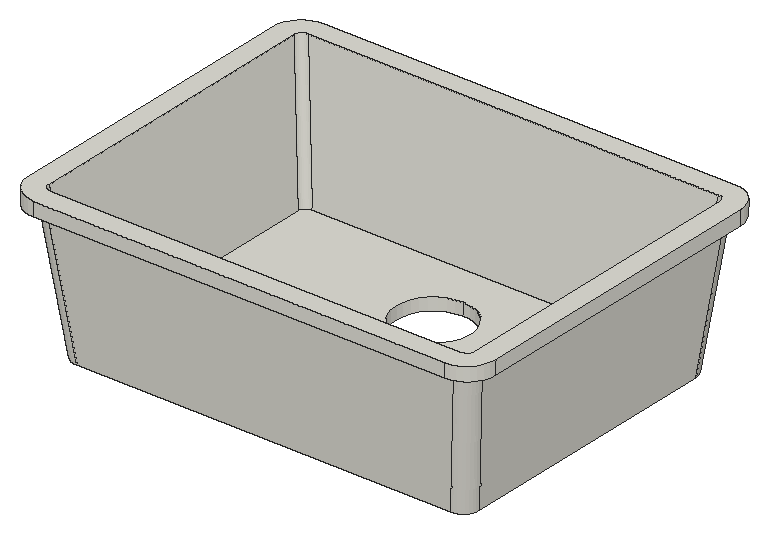
Revit family "Sink-Corian-European-Spicy-970", category Plumbing Fixtures, host Face, Revit 2015
Parameters (values of type "970")
  Width = 581.0 mm
  WFU = 0
  Version = "2015 - v1.0a"  # constant formula
  URL = "http://www.corian.uk/-the-complete-residential-surfaces-solutions-"
  Sink Colors Available = "Bone, Cameo White, Designer White, Glacier White, Vanilla"
  Product Page URL = "http://www.corian.uk/-kitchen-sinks-"
  Model = "Spicy 970"  # constant formula
  Manufacturer = "DuPont"  # constant formula
  Length = 451.0 mm
  Interior Width = 530.0 mm
  Interior Length = 400.0 mm
  HWFU = 0
  Finish = Solid Surface Sink - DuPont - Bone
  Description = "Kitchen Sink Europe Specification"  # constant formula
  Depth = 175.0 mm
  Default Elevation = 1219.2 mm
  Cost = 0
  CWFU = 0
Reference planes
  plane 1 "Center (Front/Back)": y = 0
  plane 2: z = 0
  plane 3 "Center (Left/Right)": x = 0
  plane 4: y = 225.5
  plane 5: y = -225.5
  plane 6: x = -290.5
  plane 7: x = 290.5
  plane 8: z = -187
  plane 9: x = -265
  plane 10: x = 265
  plane 11: y = 200
  plane 12: y = -200
  plane 13 "NAME": z = -12
  plane 14: z = -189.8
  plane 15: z = -202.5
Forms (mm)
  Extrusion 1, void
    sketch origin (0, 0, 0) x (1, 0, 0) y (0, 1, 0)
      loop
        arc (-265, -190) -> (-262.071, -197.071) -> (-255, -200) r 10
        line (-255, -200) -> (255, -200)
        arc (255, -200) -> (262.071, -197.071) -> (265, -190) r 10
        line (265, -190) -> (265, 190)
        arc (265, 190) -> (262.071, 197.071) -> (255, 200) r 10
        line (255, 200) -> (-255, 200)
        arc (-255, 200) -> (-262.071, 197.071) -> (-265, 190) r 10
        line (-265, 190) -> (-265, -190)
    from -202.5 to 0
  Sweep 2, solid, material "Solid Surface Sink - DuPont - Bone" <- "Finish"
    path origin (-322.065, -4572, -12) x (-1, 0, 0) y (0, -1, 0)
      loop
        arc (-67.065, -4797.5) -> (-41.962, -4787.102) -> (-31.565, -4762) r 35.5
        line (-31.565, -4762) -> (-31.565, -4382)
        arc (-31.565, -4382) -> (-41.962, -4356.898) -> (-67.065, -4346.5) r 35.5
        line (-67.065, -4346.5) -> (-577.065, -4346.5)
        arc (-577.065, -4346.5) -> (-602.167, -4356.898) -> (-612.565, -4382) r 35.5
        line (-612.565, -4382) -> (-612.565, -4762)
        arc (-612.565, -4762) -> (-602.167, -4787.102) -> (-577.065, -4797.5) r 35.5
        line (-577.065, -4797.5) -> (-67.065, -4797.5)
    profile origin (0, 225.5, -12) x (0, 1, 0) y (0, 0, 1)
      loop
        line (0, 0) -> (-20.429, 0) -> (-22.854, -17.257) -> (0, -17.257) -> (0, 0)
  Extrusion 3, solid, material "Solid Surface Sink - DuPont - Bone" <- "Finish"
    sketch origin (-322.065, -4572, -12) x (-1, 0, 0) y (0, -1, 0)
      loop
        arc (-563.226, -4738.9) -> (-560.513, -4745.448) -> (-553.965, -4748.161) r 9.261
        line (-553.965, -4748.161) -> (-90.165, -4748.161)
        arc (-90.165, -4748.161) -> (-83.616, -4745.448) -> (-80.904, -4738.9) r 9.261
        line (-80.904, -4738.9) -> (-80.904, -4405.1)
        arc (-80.904, -4405.1) -> (-83.616, -4398.552) -> (-90.165, -4395.839) r 9.261
        line (-90.165, -4395.839) -> (-553.965, -4395.839)
        arc (-553.965, -4395.839) -> (-560.513, -4398.552) -> (-563.226, -4405.1) r 9.261
        line (-563.226, -4405.1) -> (-563.226, -4738.9)
    from -190.5 to -175
  Extrusion 4, void, detail levels medium+fine
    sketch origin (-322.065, -4572, -12) x (0, -1, 0) y (-1, 0, 0)
      loop
        circle (-4648.2, -322.065) r 46.038
    from 134.956 to 209.731
  Extrusion 5, solid, material "Solid Surface Sink - DuPont - Bone" <- "Finish"
    sketch origin (-322.065, -4572, -12) x (-1, 0, 0) y (0, -1, 0)
      loop
        circle (-322.065, -4648.2) r 46.037
      loop
        circle (-322.065, -4648.2) r 50.8
    from -190.5 to -177.8
  SweptBlend 6, solid, material "Solid Surface Sink - DuPont - Bone" <- "Finish"
    path origin (0, 0, 0) x (0, 1, 0) y (0, 0, 1)
      loop
        line (0, -12) -> (0, -202.5)
    profile origin (0, 0, -12) x (1, 0, 0) y (0, 1, 0)
      loop
        line (-275, 190) -> (-275, -190)
        arc (-275, -190) -> (-269.142, -204.142) -> (-255, -210) r 20
        line (-255, -210) -> (255, -210)
        arc (255, -210) -> (269.142, -204.142) -> (275, -190) r 20
        line (275, -190) -> (275, 190)
        arc (275, 190) -> (269.142, 204.142) -> (255, 210) r 20
        line (255, 210) -> (-255, 210)
        arc (-255, 210) -> (-269.142, 204.142) -> (-275, 190) r 20
    end profile origin (0, 0, -202.5) x (1, 0, 0) y (0, 1, 0)
      loop
        line (-252.5, 167.5) -> (-252.5, -167.5)
        arc (-252.5, -167.5) -> (-246.642, -181.642) -> (-232.5, -187.5) r 20
        line (-232.5, -187.5) -> (232.5, -187.5)
        arc (232.5, -187.5) -> (246.642, -181.642) -> (252.5, -167.5) r 20
        line (252.5, -167.5) -> (252.5, 167.5)
        arc (252.5, 167.5) -> (246.642, 181.642) -> (232.5, 187.5) r 20
        line (232.5, 187.5) -> (-232.5, 187.5)
        arc (-232.5, 187.5) -> (-246.642, 181.642) -> (-252.5, 167.5) r 20
  SweptBlend 7, void
    path origin (0, 0, 0) x (0, 1, 0) y (0, 0, 1)
      loop
        line (0, -12) -> (0, -202.5)
    profile origin (0, 0, -12) x (1, 0, 0) y (0, 1, 0)
      loop
        line (-264.975, 190) -> (-264.975, -190)
        arc (-264.975, -190) -> (-262.053, -197.053) -> (-255, -199.975) r 9.975
        line (-255, -199.975) -> (255, -199.975)
        arc (255, -199.975) -> (262.053, -197.053) -> (264.975, -190) r 9.975
        line (264.975, -190) -> (264.975, 190)
        arc (264.975, 190) -> (262.053, 197.053) -> (255, 199.975) r 9.975
        line (255, 199.975) -> (-255, 199.975)
        arc (-255, 199.975) -> (-262.053, 197.053) -> (-264.975, 190) r 9.975
    end profile origin (0, 0, -202.5) x (1, 0, 0) y (0, 1, 0)
      loop
        line (-236.2, 161.2) -> (-236.2, -161.2)
        arc (-236.2, -161.2) -> (-233.271, -168.271) -> (-226.2, -171.2) r 10
        line (-226.2, -171.2) -> (226.2, -171.2)
        arc (226.2, -171.2) -> (233.271, -168.271) -> (236.2, -161.2) r 10
        line (236.2, -161.2) -> (236.2, 161.2)
        arc (236.2, 161.2) -> (233.271, 168.271) -> (226.2, 171.2) r 10
        line (226.2, 171.2) -> (-226.2, 171.2)
        arc (-226.2, 171.2) -> (-233.271, 168.271) -> (-236.2, 161.2) r 10
Cuts and joins
  Extrusion 4 cuts Extrusion 3
  SweptBlend 7 cuts SweptBlend 6
  joined: Sweep 2, Extrusion 3, Extrusion 5, SweptBlend 6
Lines and regions (mm)
  Masking region 1, detail levels medium+fine
    outline origin (677.935, -4572, -12) x (-1, 0, 0) y (0, -1, 0)
      loop
        circle (677.935, -4648.2) r 46.038
  Masking region 2, detail levels fine
    outline origin (717.935, -4572, -12) x (-1, 0, 0) y (0, -1, 0)
      loop
        line (489.158, -4745.56) -> (946.712, -4745.56)
        arc (946.712, -4745.56) -> (953.63, -4742.694) -> (956.495, -4735.777) r 9.783
        line (956.495, -4735.777) -> (956.495, -4407.701)
        arc (956.495, -4407.701) -> (953.783, -4401.153) -> (947.234, -4398.44) r 9.261
        line (947.234, -4398.44) -> (489.158, -4398.44)
        arc (489.158, -4398.44) -> (482.241, -4401.306) -> (479.375, -4408.223) r 9.783
        line (479.375, -4408.223) -> (479.375, -4735.777)
        arc (479.375, -4735.777) -> (482.241, -4742.694) -> (489.158, -4745.56) r 9.783
  Masking region 3
    outline origin (0, 0, 0) x (1, 0, 0) y (0, 1, 0)
      loop
        line (-264.975, 190) -> (-264.975, -190)
        arc (-264.975, -190) -> (-262.053, -197.053) -> (-255, -199.975) r 9.975
        line (-255, -199.975) -> (255, -199.975)
        arc (255, -199.975) -> (262.053, -197.053) -> (264.975, -190) r 9.975
        line (264.975, -190) -> (264.975, 190)
        arc (264.975, 190) -> (262.053, 197.053) -> (255, 199.975) r 9.975
        line (255, 199.975) -> (-255, 199.975)
        arc (-255, 199.975) -> (-262.053, 197.053) -> (-264.975, 190) r 9.975
Dimensions and locks
  locked: plane 2 to plane 13 "NAME" at 12
  "Depth": plane 13 "NAME" to plane 8
  plane 13 "NAME" to plane 14 to plane 15 = 177.8 mm locked, 12.7 mm locked
  "Interior Width": plane 9 to plane 10
  "Width": plane 6 to plane 7
  "Interior Length": plane 11 to plane 12
  "Length": plane 4 to plane 5
  equal spacing: plane 11, plane 1 "Center (Front/Back)", plane 12, locked at 200 each
  equal spacing: plane 4, plane 1 "Center (Front/Back)", plane 5, locked at 225.5 each
  plane 6 to Sweep 2 sketch curve to Sweep 2 sketch curve = 35.5 mm locked, 0.0 mm locked
  Sweep 2 sketch curve to Sweep 2 sketch curve to plane 7 = 0.0 mm locked, 35.5 mm locked
  plane 4 to Sweep 2 sketch curve to Sweep 2 sketch curve = 35.5 mm locked, 0.0 mm locked
  Sweep 2 sketch curve to Sweep 2 sketch curve to plane 5 = 0.0 mm locked, 35.5 mm locked
  plane 6 to Extrusion 1 sketch curve to Extrusion 1 sketch curve = 35.5 mm locked, 0.0 mm locked
  Extrusion 1 sketch curve to Extrusion 1 sketch curve to plane 7 = 0.0 mm locked, 35.5 mm locked
  plane 4 to Extrusion 1 sketch curve to Extrusion 1 sketch curve = 35.5 mm locked, 0.0 mm locked
  Extrusion 1 sketch curve to Extrusion 1 sketch curve to plane 5 = 0.0 mm locked, 35.5 mm locked
  locked: plane 13 "NAME" to Sweep 2 sketch curve at 17.257
  plane 4 to Sweep 2 sketch curve to Sweep 2 sketch curve = 20.429 mm locked, 2.425 mm locked
  locked: plane 13 "NAME" to SweptBlend 6 sketch curve
  locked: plane 13 "NAME" to SweptBlend 7 sketch curve
  Masking region 3 sketch curve to Masking region 3 sketch curve to plane 5 = 0.0 mm locked, 35.5 mm locked
  plane 4 to Masking region 3 sketch curve to Masking region 3 sketch curve = 35.5 mm locked, 0.0 mm locked
  Masking region 3 sketch curve to Masking region 3 sketch curve to plane 7 = 0.0 mm locked, 35.5 mm locked
  plane 6 to Masking region 3 sketch curve to Masking region 3 sketch curve = 35.5 mm locked, 0.0 mm locked
  plane 9 to SweptBlend 7 sketch curve to SweptBlend 7 sketch curve to SweptBlend 7 sketch curve = 0.025 mm locked, 9.975 mm locked, 0.0 mm locked
  SweptBlend 7 sketch curve to SweptBlend 7 sketch curve to SweptBlend 7 sketch curve to plane 10 = 0.0 mm locked, 9.975 mm locked, 0.025 mm locked
  plane 11 to SweptBlend 7 sketch curve to SweptBlend 7 sketch curve to SweptBlend 7 sketch curve = 0.025 mm locked, 9.975 mm locked, 0.0 mm locked
  SweptBlend 7 sketch curve to SweptBlend 7 sketch curve to SweptBlend 7 sketch curve to plane 12 = 0.0 mm locked, 9.975 mm locked, 0.025 mm locked
  plane 11 to SweptBlend 7 sketch curve to SweptBlend 7 sketch curve to SweptBlend 7 sketch curve = 28.8 mm locked, 10.0 mm locked, 0.0 mm locked
  SweptBlend 7 sketch curve to SweptBlend 7 sketch curve to SweptBlend 7 sketch curve to plane 12 = 0.0 mm locked, 10.0 mm locked, 28.8 mm locked
  plane 9 to SweptBlend 7 sketch curve to SweptBlend 7 sketch curve to SweptBlend 7 sketch curve = 28.8 mm locked, 10.0 mm locked, 0.0 mm locked
  SweptBlend 7 sketch curve to SweptBlend 7 sketch curve to SweptBlend 7 sketch curve to plane 10 = 0.0 mm locked, 10.0 mm locked, 28.8 mm locked
  SweptBlend 6 sketch curve to plane 9 to SweptBlend 6 sketch curve to SweptBlend 6 sketch curve = 10.0 mm locked, 10.0 mm locked, 0.0 mm locked
  SweptBlend 6 sketch curve to SweptBlend 6 sketch curve to plane 10 to SweptBlend 6 sketch curve = 0.0 mm locked, 10.0 mm locked, 10.0 mm locked
  SweptBlend 6 sketch curve to plane 11 to SweptBlend 6 sketch curve to SweptBlend 6 sketch curve = 10.0 mm locked, 10.0 mm locked, 0.0 mm locked
  SweptBlend 6 sketch curve to SweptBlend 6 sketch curve to plane 12 to SweptBlend 6 sketch curve = 0.0 mm locked, 10.0 mm locked, 10.0 mm locked
  plane 9 to Extrusion 3 sketch curve to Extrusion 3 sketch curve to Extrusion 3 sketch curve = 23.839 mm locked, 9.261 mm locked, 0.0 mm locked
  Extrusion 3 sketch curve to Extrusion 3 sketch curve to Extrusion 3 sketch curve to plane 10 = 0.0 mm locked, 9.261 mm locked, 23.839 mm locked
  plane 11 to Extrusion 3 sketch curve to Extrusion 3 sketch curve to Extrusion 3 sketch curve = 23.839 mm locked, 9.261 mm locked, 0.0 mm locked
  Extrusion 3 sketch curve to Extrusion 3 sketch curve to Extrusion 3 sketch curve to plane 12 = 0.0 mm locked, 9.261 mm locked, 23.839 mm locked
  SweptBlend 6 sketch curve to SweptBlend 6 sketch curve to SweptBlend 6 sketch curve to plane 10 = 0.0 mm locked, 20.0 mm locked, 12.5 mm locked
  plane 9 to SweptBlend 6 sketch curve to SweptBlend 6 sketch curve to SweptBlend 6 sketch curve = 12.5 mm locked, 20.0 mm locked, 0.0 mm locked
  equal spacing: plane 9, plane 3 "Center (Left/Right)", plane 10
  equal spacing: plane 6, plane 3 "Center (Left/Right)", plane 7
  locked: plane 1 "Center (Front/Back)" to Extrusion 4 sketch curve at 76.2
  diameter of Extrusion 4 sketch curve = 92.075 mm
  aligned and locked: plane 2 to host face
  aligned and locked: level to host face
  aligned and locked: level to Extrusion 1
  aligned and locked: plane 3 "Center (Left/Right)" to Extrusion 4 sketch curve
  aligned and locked: plane 3 "Center (Left/Right)" to Extrusion 5 sketch curve  (x2)
  aligned and locked: plane 14 to Extrusion 5
  aligned and locked: Extrusion 5 to plane 15
  aligned and locked: Extrusion 1 to plane 15
  aligned and locked: Sweep 2 sketch curve to plane 5
  aligned and locked: plane 7 to Sweep 2 sketch curve
  aligned and locked: plane 6 to Sweep 2 sketch curve
  aligned and locked: Sweep 2 sketch curve to plane 4
  aligned and locked: plane 4 to Sweep 2 sketch curve
  aligned and locked: Sweep 2 sketch curve to plane 13 "NAME"
  aligned and locked: plane 1 "Center (Front/Back)" to SweptBlend 6 sketch curve
  aligned and locked: plane 15 to SweptBlend 6 sketch curve
  aligned and locked: SweptBlend 7 sketch curve to plane 1 "Center (Front/Back)"
  aligned and locked: plane 15 to SweptBlend 7 sketch curve
Automatic sketch dimensions
  host sketch curve to host sketch curve = 2438.4 mm  (x2)
  Extrusion 5 sketch curve to Extrusion 5 sketch curve = 0.0 mm
  Extrusion 5 sketch curve to plane 1 "Center (Front/Back)" = 76.2 mm
  Masking region 1 sketch curve to Masking region 1 sketch curve = 0.0 mm  (x2)
  plane 3 "Center (Left/Right)" to Masking region 1 sketch curve = 0.0 mm
  Masking region 1 sketch curve to plane 1 "Center (Front/Back)" = 76.2 mm
  Masking region 1 sketch curve to Masking region 1 sketch curve = 46.038 mm
  plane 12 to Masking region 2 sketch curve = 36.223 mm
  Masking region 2 sketch curve to plane 7 = 51.94 mm
  Masking region 2 sketch curve to Masking region 2 sketch curve = 9.783 mm  (x3)
  plane 12 to Masking region 2 sketch curve = 35.701 mm
  Masking region 2 sketch curve to Masking region 2 sketch curve = 458.076 mm
  Masking region 2 sketch curve to plane 11 = 36.223 mm
  SweptBlend 6 sketch curve to plane 1 "Center (Front/Back)" = 0.0 mm
  profile plane to SweptBlend 6 sketch curve = 187.5 mm
  SweptBlend 6 sketch curve to profile plane = 167.5 mm
  Extrusion 1 sketch curve to plane 9 = 0.0 mm
  plane 9 to Masking region 3 sketch curve = 0.025 mm
  radius of Extrusion 5 sketch curve = 46.037 mm
  radius of Extrusion 5 sketch curve = 50.8 mm
Connectors
  piping at (0, 76.2, -202.5), diameter 90
    settings: on cut or joined group of Sweep 2, Extrusion 3, Extrusion 4, Extrusion 5, SweptBlend 6, SweptBlend 7, index 1, connector inside diameter 24", connector length 0.0 mm, flow factor 0, pipe flow 0 GPM, pressure drop 0.00 psi, fitting loss kfactor 0, connector angle 0.00°, fixture units 0, engagement length 0.0 mm, angle of deflection 0.00°, flow configuration 0, flow direction 2, fitting loss method 0, system type 16, joint type 0, gender type 0, connector reference index -1, connector utility 0, adjustable connector no, is connector primary yes, connector description "Drain"
